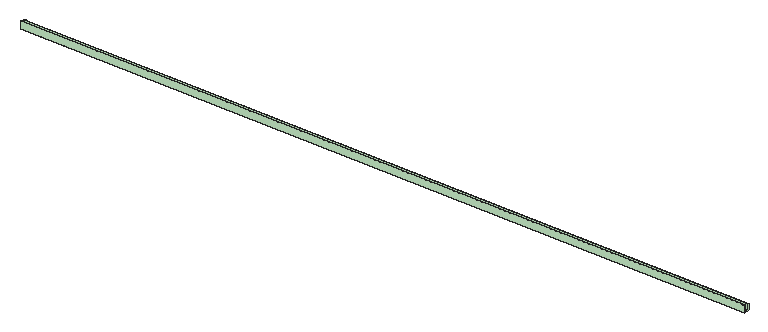
Revit family "sqrunner_25", category 機械設備, Revit 2022
Family settings
  丸型コネクタ寸法 = 直径を使用
  種別 = なし
  パーツ タイプ = 標準
  作業面ベース = いいえ
  常に垂直 = はい
  ロード時にボイドで切り取り = いいえ
  注釈の向きを維持 = いいえ
  共有 = いいえ
  部屋計算ポイント = いいえ
Parameters
  製造元 = "株式会社桐井製作所"
  既定の高さ = 0 mm
  URL = "https://www.kirii.co.jp/"
  K_長さ(mm) [instance] = 4000 mm
  K_材質 = "SGCC　一般用"
  K_外形寸法(mm) = "27×40×30"
  K_品名 = "SQ-ランナー25"
  K_名称 = "角型スタッド用ランナー"
  K_バージョン情報 = "20210524"
  K_めっき付着量 = "Z08"
  K_JIS規格 = "JIS G 3302"
Reference planes
  plane 1 "中心(正面/背面)": y = 0
  plane 2: z = 0
  plane 3 "中心(左/右)": x = 0
  plane 4: x = 4000
  plane 5: y = 13.5
  plane 6: y = -13.5
Forms (mm)
  Extrusion 1, solid
    sketch origin (0, 0, 0) x (0, 1, 0) y (0, 0, 1)
      loop
        line (-13.5, 0) -> (13.5, 0) -> (13.5, 30) -> (12.7, 30) -> (12.7, 0.8) -> (-12.7, 0.8) -> (-12.7, 40) -> (-13.5, 40) -> (-13.5, 0)
    from 0 to 4000
Dimensions and locks
  "K_長さ(mm)": plane 3 "中心(左/右)" to plane 4
  aligned and locked: level to plane 2
  aligned and locked: plane 4 to Extrusion 1
  aligned and locked: Extrusion 1 to plane 4
Automatic sketch dimensions
  Extrusion 1 sketch curve to level = 0 mm
  Extrusion 1 sketch curve to plane 6 = 0 mm
  Extrusion 1 sketch curve to Extrusion 1 sketch curve = 0.8 mm  (x2)
  level to Extrusion 1 sketch curve = 0.8 mm
  Extrusion 1 sketch curve to Extrusion 1 sketch curve = 39.2 mm
  Extrusion 1 sketch curve to Extrusion 1 sketch curve = 29.2 mm
  Extrusion 1 sketch curve to plane 5 = 0 mm
